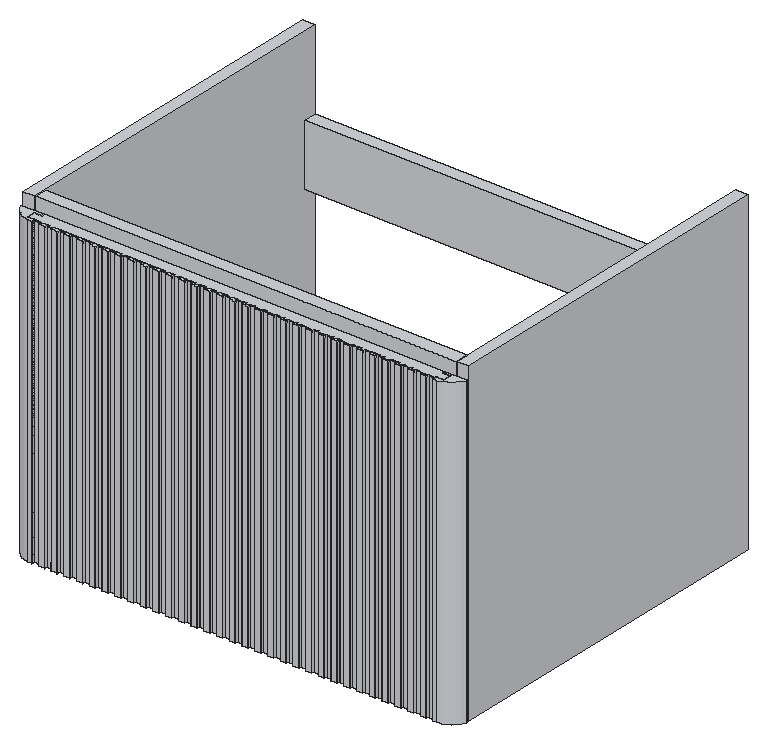
Revit family "Comfort Ribbed Oak Cabinet 600mm - LEC001", category Plumbing Fixtures, Revit 2023
Family settings
  Round Connector Dimension = Use Diameter
  Part Type = Normal
  OmniClass Number = 23.45.00.00
  OmniClass Title = Sanitary, Laundry, and Cleaning Equipment
  Work Plane-Based = No
  Enable Cutting in Views = No
  Always vertical = Yes
  Cut with Voids When Loaded = No
  Maintain Annotation Orientation = No
  Shared = No
  Room Calculation Point = No
Parameters
  Slats = none
  Door Base = none
  Default Elevation = 0 mm
  Carcass = none
Reference planes
  plane 1 "Center (Front/Back)": y = 0
  plane 2: z = 0
  plane 3 "Center (Left/Right)": x = 0
Forms (mm)
  Extrusion 1, solid, material <- "Carcass"
    sketch origin (0, 0, 0) x (1, 0, 0) y (0, 1, 0)
      loop
        line (-280, 0) -> (-280, -439) -> (-265, -439) -> (-265, 0) -> (-280, 0)
      loop
        line (265, -439) -> (280, -439) -> (280, 0) -> (265, 0) -> (265, -439)
    from 0 to 400
  Extrusion 2, solid, material <- "Carcass"
    sketch origin (0, 0, 0) x (0, 1, 0) y (0, 0, 1)
      loop
        line (0, 300) -> (-16, 300) -> (-16, 222) -> (0, 222) -> (0, 300)
      loop
        line (-423, 400) -> (-439, 400) -> (-439, 338) -> (-423, 338) -> (-423, 400)
      loop
        line (-360.933, 15.002) -> (-439, 15.002) -> (-439, 0) -> (-360.933, 0) -> (-360.933, 15.002)
      loop
        line (0, 15.002) -> (-78, 15.002) -> (-78, 0) -> (0, 0) -> (0, 15.002)
    from -265 to 265
  Extrusion 3, solid, material <- "Door Base"
    sketch origin (0, 0, 0) x (1, 0, 0) y (0, 1, 0)
      loop
        line (252, -457) -> (252, -454.15) -> (261, -454.15) -> (261, -444.85) -> (252, -444.85) -> (252, -441) -> (-252, -441) -> (-252, -444.85) -> (-261, -444.85) -> (-261, -454.15) -> (-252, -454.15) -> (-252, -457) -> (252, -457)
    from 0 to 385
  Extrusion 4, solid, material <- "Slats"
    sketch origin (0, 0, 0) x (1, 0, 0) y (0, 1, 0)
      loop
        line (252, -441) -> (252, -444.7) -> (262, -444.7) -> (262, -454.3) -> (252, -454.15) -> (252, -458) -> (252, -459.5)
        arc (252, -459.5) -> (252.146, -459.854) -> (252.5, -460) r 0.5
        line (252.5, -460) -> (257.087, -460)
        arc (257.087, -460) -> (271.066, -454.211) -> (280, -442) r 28.03
        line (280, -442) -> (280, -441) -> (252, -441)
      loop
        line (-252, -441) -> (-280, -441) -> (-280, -442)
        arc (-280, -442) -> (-271.066, -454.211) -> (-257.087, -460) r 28.03
        line (-257.087, -460) -> (-252.5, -460)
        arc (-252.5, -460) -> (-252.146, -459.854) -> (-252, -459.5) r 0.5
        line (-252, -459.5) -> (-252, -458) -> (-252, -454.15) -> (-262, -454.3) -> (-262, -444.7) -> (-252, -444.7) -> (-252, -441)
    from 0 to 385
  Extrusion 5, solid, material <- "Slats"
    sketch origin (0, 0, 0) x (1, 0, 0) y (0, 1, 0)
      loop
        line (-252, -455.137) -> (-252, -457.062)
        arc (-252, -457.062) -> (-251.854, -456.709) -> (-251.5, -456.562) r 0.5
        line (-251.5, -456.562) -> (-244.5, -456.562)
        arc (-244.5, -456.562) -> (-244.146, -456.709) -> (-244, -457.062) r 0.5
        line (-244, -457.062) -> (-244, -459.5)
        arc (-244, -459.5) -> (-243.854, -459.854) -> (-243.5, -460) r 0.5
        line (-243.5, -460) -> (-236.5, -460)
        arc (-236.5, -460) -> (-236.146, -459.854) -> (-236, -459.5) r 0.5
        line (-236, -459.5) -> (-236, -457.062)
        arc (-236, -457.062) -> (-235.854, -456.709) -> (-235.5, -456.562) r 0.5
        line (-235.5, -456.562) -> (-228.5, -456.562)
        arc (-228.5, -456.562) -> (-228.146, -456.709) -> (-228, -457.062) r 0.5
        line (-228, -457.062) -> (-228, -459.5)
        arc (-228, -459.5) -> (-227.854, -459.854) -> (-227.5, -460) r 0.5
        line (-227.5, -460) -> (-220.5, -460)
        arc (-220.5, -460) -> (-220.146, -459.854) -> (-220, -459.5) r 0.5
        line (-220, -459.5) -> (-220, -457.062)
        arc (-220, -457.062) -> (-219.854, -456.709) -> (-219.5, -456.562) r 0.5
        line (-219.5, -456.562) -> (-212.5, -456.562)
        arc (-212.5, -456.562) -> (-212.146, -456.709) -> (-212, -457.062) r 0.5
        line (-212, -457.062) -> (-212, -459.5)
        arc (-212, -459.5) -> (-211.854, -459.854) -> (-211.5, -460) r 0.5
        line (-211.5, -460) -> (-204.5, -460)
        arc (-204.5, -460) -> (-204.146, -459.854) -> (-204, -459.5) r 0.5
        line (-204, -459.5) -> (-204, -457.062)
        arc (-204, -457.062) -> (-203.854, -456.709) -> (-203.5, -456.562) r 0.5
        line (-203.5, -456.562) -> (-196.5, -456.562)
        arc (-196.5, -456.562) -> (-196.146, -456.709) -> (-196, -457.062) r 0.5
        line (-196, -457.062) -> (-196, -459.5)
        arc (-196, -459.5) -> (-195.854, -459.854) -> (-195.5, -460) r 0.5
        line (-195.5, -460) -> (-188.5, -460)
        arc (-188.5, -460) -> (-188.146, -459.854) -> (-188, -459.5) r 0.5
        line (-188, -459.5) -> (-188, -457.062)
        arc (-188, -457.062) -> (-187.854, -456.709) -> (-187.5, -456.562) r 0.5
        line (-187.5, -456.562) -> (-180.5, -456.562)
        arc (-180.5, -456.562) -> (-180.146, -456.709) -> (-180, -457.062) r 0.5
        line (-180, -457.062) -> (-180, -459.5)
        arc (-180, -459.5) -> (-179.854, -459.854) -> (-179.5, -460) r 0.5
        line (-179.5, -460) -> (-172.5, -460)
        arc (-172.5, -460) -> (-172.146, -459.854) -> (-172, -459.5) r 0.5
        line (-172, -459.5) -> (-172, -457.062)
        arc (-172, -457.062) -> (-171.854, -456.709) -> (-171.5, -456.562) r 0.5
        line (-171.5, -456.562) -> (-164.5, -456.562)
        arc (-164.5, -456.562) -> (-164.146, -456.709) -> (-164, -457.062) r 0.5
        line (-164, -457.062) -> (-164, -459.5)
        arc (-164, -459.5) -> (-163.854, -459.854) -> (-163.5, -460) r 0.5
        line (-163.5, -460) -> (-156.5, -460)
        arc (-156.5, -460) -> (-156.146, -459.854) -> (-156, -459.5) r 0.5
        line (-156, -459.5) -> (-156, -457.062)
        arc (-156, -457.062) -> (-155.854, -456.709) -> (-155.5, -456.562) r 0.5
        line (-155.5, -456.562) -> (-148.5, -456.562)
        arc (-148.5, -456.562) -> (-148.146, -456.709) -> (-148, -457.062) r 0.5
        line (-148, -457.062) -> (-148, -459.5)
        arc (-148, -459.5) -> (-147.854, -459.854) -> (-147.5, -460) r 0.5
        line (-147.5, -460) -> (-140.5, -460)
        arc (-140.5, -460) -> (-140.146, -459.854) -> (-140, -459.5) r 0.5
        line (-140, -459.5) -> (-140, -457.062)
        arc (-140, -457.062) -> (-139.854, -456.709) -> (-139.5, -456.562) r 0.5
        line (-139.5, -456.562) -> (-132.5, -456.562)
        arc (-132.5, -456.562) -> (-132.146, -456.709) -> (-132, -457.062) r 0.5
        line (-132, -457.062) -> (-132, -459.5)
        arc (-132, -459.5) -> (-131.854, -459.854) -> (-131.5, -460) r 0.5
        line (-131.5, -460) -> (-124.5, -460)
        arc (-124.5, -460) -> (-124.146, -459.854) -> (-124, -459.5) r 0.5
        line (-124, -459.5) -> (-124, -457.062)
        arc (-124, -457.062) -> (-123.854, -456.709) -> (-123.5, -456.562) r 0.5
        line (-123.5, -456.562) -> (-116.5, -456.562)
        arc (-116.5, -456.562) -> (-116.146, -456.709) -> (-116, -457.062) r 0.5
        line (-116, -457.062) -> (-116, -459.5)
        arc (-116, -459.5) -> (-115.854, -459.854) -> (-115.5, -460) r 0.5
        line (-115.5, -460) -> (-108.5, -460)
        arc (-108.5, -460) -> (-108.146, -459.854) -> (-108, -459.5) r 0.5
        line (-108, -459.5) -> (-108, -457.062)
        arc (-108, -457.062) -> (-107.854, -456.709) -> (-107.5, -456.562) r 0.5
        line (-107.5, -456.562) -> (-100.5, -456.562)
        arc (-100.5, -456.562) -> (-100.146, -456.709) -> (-100, -457.062) r 0.5
        line (-100, -457.062) -> (-100, -459.5)
        arc (-100, -459.5) -> (-99.854, -459.854) -> (-99.5, -460) r 0.5
        line (-99.5, -460) -> (-92.5, -460)
        arc (-92.5, -460) -> (-92.146, -459.854) -> (-92, -459.5) r 0.5
        line (-92, -459.5) -> (-92, -457.062)
        arc (-92, -457.062) -> (-91.854, -456.709) -> (-91.5, -456.562) r 0.5
        line (-91.5, -456.562) -> (-84.5, -456.562)
        arc (-84.5, -456.562) -> (-84.146, -456.709) -> (-84, -457.062) r 0.5
        line (-84, -457.062) -> (-84, -459.5)
        arc (-84, -459.5) -> (-83.854, -459.854) -> (-83.5, -460) r 0.5
        line (-83.5, -460) -> (-76.5, -460)
        arc (-76.5, -460) -> (-76.146, -459.854) -> (-76, -459.5) r 0.5
        line (-76, -459.5) -> (-76, -457.062)
        arc (-76, -457.062) -> (-75.854, -456.709) -> (-75.5, -456.562) r 0.5
        line (-75.5, -456.562) -> (-68.5, -456.562)
        arc (-68.5, -456.562) -> (-68.146, -456.709) -> (-68, -457.062) r 0.5
        line (-68, -457.062) -> (-68, -459.5)
        arc (-68, -459.5) -> (-67.854, -459.854) -> (-67.5, -460) r 0.5
        line (-67.5, -460) -> (-60.5, -460)
        arc (-60.5, -460) -> (-60.146, -459.854) -> (-60, -459.5) r 0.5
        line (-60, -459.5) -> (-60, -457.062)
        arc (-60, -457.062) -> (-59.854, -456.709) -> (-59.5, -456.562) r 0.5
        line (-59.5, -456.562) -> (-52.5, -456.562)
        arc (-52.5, -456.562) -> (-52.146, -456.709) -> (-52, -457.062) r 0.5
        line (-52, -457.062) -> (-52, -459.5)
        arc (-52, -459.5) -> (-51.854, -459.854) -> (-51.5, -460) r 0.5
        line (-51.5, -460) -> (-44.5, -460)
        arc (-44.5, -460) -> (-44.146, -459.854) -> (-44, -459.5) r 0.5
        line (-44, -459.5) -> (-44, -457.062)
        arc (-44, -457.062) -> (-43.854, -456.709) -> (-43.5, -456.562) r 0.5
        line (-43.5, -456.562) -> (-36.5, -456.562)
        arc (-36.5, -456.562) -> (-36.146, -456.709) -> (-36, -457.062) r 0.5
        line (-36, -457.062) -> (-36, -459.5)
        arc (-36, -459.5) -> (-35.854, -459.854) -> (-35.5, -460) r 0.5
        line (-35.5, -460) -> (-28.5, -460)
        arc (-28.5, -460) -> (-28.146, -459.854) -> (-28, -459.5) r 0.5
        line (-28, -459.5) -> (-28, -457.062)
        arc (-28, -457.062) -> (-27.854, -456.709) -> (-27.5, -456.562) r 0.5
        line (-27.5, -456.562) -> (-20.5, -456.562)
        arc (-20.5, -456.562) -> (-20.146, -456.709) -> (-20, -457.062) r 0.5
        line (-20, -457.062) -> (-20, -459.5)
        arc (-20, -459.5) -> (-19.854, -459.854) -> (-19.5, -460) r 0.5
        line (-19.5, -460) -> (-12.5, -460)
        arc (-12.5, -460) -> (-12.146, -459.854) -> (-12, -459.5) r 0.5
        line (-12, -459.5) -> (-12, -457.062)
        arc (-12, -457.062) -> (-11.854, -456.709) -> (-11.5, -456.562) r 0.5
        line (-11.5, -456.562) -> (-4.5, -456.562)
        arc (-4.5, -456.562) -> (-4.146, -456.709) -> (-4, -457.062) r 0.5
        line (-4, -457.062) -> (-4, -459.5)
        arc (-4, -459.5) -> (-3.854, -459.854) -> (-3.5, -460) r 0.5
        line (-3.5, -460) -> (3.5, -460)
        arc (3.5, -460) -> (3.854, -459.854) -> (4, -459.5) r 0.5
        line (4, -459.5) -> (4, -457.062)
        arc (4, -457.062) -> (4.146, -456.709) -> (4.5, -456.562) r 0.5
        line (4.5, -456.562) -> (11.5, -456.562)
        arc (11.5, -456.562) -> (11.854, -456.709) -> (12, -457.062) r 0.5
        line (12, -457.062) -> (12, -459.5)
        arc (12, -459.5) -> (12.146, -459.854) -> (12.5, -460) r 0.5
        line (12.5, -460) -> (19.5, -460)
        arc (19.5, -460) -> (19.854, -459.854) -> (20, -459.5) r 0.5
        line (20, -459.5) -> (20, -457.062)
        arc (20, -457.062) -> (20.146, -456.709) -> (20.5, -456.562) r 0.5
        line (20.5, -456.562) -> (27.5, -456.562)
        arc (27.5, -456.562) -> (27.854, -456.709) -> (28, -457.062) r 0.5
        line (28, -457.062) -> (28, -459.5)
        arc (28, -459.5) -> (28.146, -459.854) -> (28.5, -460) r 0.5
        line (28.5, -460) -> (35.5, -460)
        arc (35.5, -460) -> (35.854, -459.854) -> (36, -459.5) r 0.5
        line (36, -459.5) -> (36, -457.062)
        arc (36, -457.062) -> (36.146, -456.709) -> (36.5, -456.562) r 0.5
        line (36.5, -456.562) -> (43.5, -456.562)
        arc (43.5, -456.562) -> (43.854, -456.709) -> (44, -457.062) r 0.5
        line (44, -457.062) -> (44, -459.5)
        arc (44, -459.5) -> (44.146, -459.854) -> (44.5, -460) r 0.5
        line (44.5, -460) -> (51.5, -460)
        arc (51.5, -460) -> (51.854, -459.854) -> (52, -459.5) r 0.5
        line (52, -459.5) -> (52, -457.062)
        arc (52, -457.062) -> (52.146, -456.709) -> (52.5, -456.562) r 0.5
        line (52.5, -456.562) -> (59.5, -456.562)
        arc (59.5, -456.562) -> (59.854, -456.709) -> (60, -457.062) r 0.5
        line (60, -457.062) -> (60, -459.5)
        arc (60, -459.5) -> (60.146, -459.854) -> (60.5, -460) r 0.5
        line (60.5, -460) -> (67.5, -460)
        arc (67.5, -460) -> (67.854, -459.854) -> (68, -459.5) r 0.5
        line (68, -459.5) -> (68, -457.062)
        arc (68, -457.062) -> (68.146, -456.709) -> (68.5, -456.562) r 0.5
        line (68.5, -456.562) -> (75.5, -456.562)
        arc (75.5, -456.562) -> (75.854, -456.709) -> (76, -457.062) r 0.5
        line (76, -457.062) -> (76, -459.5)
        arc (76, -459.5) -> (76.146, -459.854) -> (76.5, -460) r 0.5
        line (76.5, -460) -> (83.5, -460)
        arc (83.5, -460) -> (83.854, -459.854) -> (84, -459.5) r 0.5
        line (84, -459.5) -> (84, -457.062)
        arc (84, -457.062) -> (84.146, -456.709) -> (84.5, -456.562) r 0.5
        line (84.5, -456.562) -> (91.5, -456.562)
        arc (91.5, -456.562) -> (91.854, -456.709) -> (92, -457.062) r 0.5
        line (92, -457.062) -> (92, -459.5)
        arc (92, -459.5) -> (92.146, -459.854) -> (92.5, -460) r 0.5
        line (92.5, -460) -> (99.5, -460)
        arc (99.5, -460) -> (99.854, -459.854) -> (100, -459.5) r 0.5
        line (100, -459.5) -> (100, -457.062)
        arc (100, -457.062) -> (100.146, -456.709) -> (100.5, -456.562) r 0.5
        line (100.5, -456.562) -> (107.5, -456.562)
        arc (107.5, -456.562) -> (107.854, -456.709) -> (108, -457.062) r 0.5
        line (108, -457.062) -> (108, -459.5)
        arc (108, -459.5) -> (108.146, -459.854) -> (108.5, -460) r 0.5
        line (108.5, -460) -> (115.5, -460)
        arc (115.5, -460) -> (115.854, -459.854) -> (116, -459.5) r 0.5
        line (116, -459.5) -> (116, -457.062)
        arc (116, -457.062) -> (116.146, -456.709) -> (116.5, -456.562) r 0.5
        line (116.5, -456.562) -> (123.5, -456.562)
        arc (123.5, -456.562) -> (123.854, -456.709) -> (124, -457.062) r 0.5
        line (124, -457.062) -> (124, -459.5)
        arc (124, -459.5) -> (124.146, -459.854) -> (124.5, -460) r 0.5
        line (124.5, -460) -> (131.5, -460)
        arc (131.5, -460) -> (131.854, -459.854) -> (132, -459.5) r 0.5
        line (132, -459.5) -> (132, -457.062)
        arc (132, -457.062) -> (132.146, -456.709) -> (132.5, -456.562) r 0.5
        line (132.5, -456.562) -> (139.5, -456.562)
        arc (139.5, -456.562) -> (139.854, -456.709) -> (140, -457.062) r 0.5
        line (140, -457.062) -> (140, -459.5)
        arc (140, -459.5) -> (140.146, -459.854) -> (140.5, -460) r 0.5
        line (140.5, -460) -> (147.5, -460)
        arc (147.5, -460) -> (147.854, -459.854) -> (148, -459.5) r 0.5
        line (148, -459.5) -> (148, -457.062)
        arc (148, -457.062) -> (148.146, -456.709) -> (148.5, -456.562) r 0.5
        line (148.5, -456.562) -> (155.5, -456.562)
        arc (155.5, -456.562) -> (155.854, -456.709) -> (156, -457.062) r 0.5
        line (156, -457.062) -> (156, -459.5)
        arc (156, -459.5) -> (156.146, -459.854) -> (156.5, -460) r 0.5
        line (156.5, -460) -> (163.5, -460)
        arc (163.5, -460) -> (163.854, -459.854) -> (164, -459.5) r 0.5
        line (164, -459.5) -> (164, -457.062)
        arc (164, -457.062) -> (164.146, -456.709) -> (164.5, -456.562) r 0.5
        line (164.5, -456.562) -> (171.5, -456.562)
        arc (171.5, -456.562) -> (171.854, -456.709) -> (172, -457.062) r 0.5
        line (172, -457.062) -> (172, -459.5)
        arc (172, -459.5) -> (172.146, -459.854) -> (172.5, -460) r 0.5
        line (172.5, -460) -> (179.5, -460)
        arc (179.5, -460) -> (179.854, -459.854) -> (180, -459.5) r 0.5
        line (180, -459.5) -> (180, -457.062)
        arc (180, -457.062) -> (180.146, -456.709) -> (180.5, -456.562) r 0.5
        line (180.5, -456.562) -> (187.5, -456.562)
        arc (187.5, -456.562) -> (187.854, -456.709) -> (188, -457.062) r 0.5
        line (188, -457.062) -> (188, -459.5)
        arc (188, -459.5) -> (188.146, -459.854) -> (188.5, -460) r 0.5
        line (188.5, -460) -> (195.5, -460)
        arc (195.5, -460) -> (195.854, -459.854) -> (196, -459.5) r 0.5
        line (196, -459.5) -> (196, -457.062)
        arc (196, -457.062) -> (196.146, -456.709) -> (196.5, -456.562) r 0.5
        line (196.5, -456.562) -> (203.5, -456.562)
        arc (203.5, -456.562) -> (203.854, -456.709) -> (204, -457.062) r 0.5
        line (204, -457.062) -> (204, -459.5)
        arc (204, -459.5) -> (204.146, -459.854) -> (204.5, -460) r 0.5
        line (204.5, -460) -> (211.5, -460)
        arc (211.5, -460) -> (211.854, -459.854) -> (212, -459.5) r 0.5
        line (212, -459.5) -> (212, -457.062)
        arc (212, -457.062) -> (212.146, -456.709) -> (212.5, -456.562) r 0.5
        line (212.5, -456.562) -> (219.5, -456.562)
        arc (219.5, -456.562) -> (219.854, -456.709) -> (220, -457.062) r 0.5
        line (220, -457.062) -> (220, -459.5)
        arc (220, -459.5) -> (220.146, -459.854) -> (220.5, -460) r 0.5
        line (220.5, -460) -> (227.5, -460)
        arc (227.5, -460) -> (227.854, -459.854) -> (228, -459.5) r 0.5
        line (228, -459.5) -> (228, -457.062)
        arc (228, -457.062) -> (228.146, -456.709) -> (228.5, -456.562) r 0.5
        line (228.5, -456.562) -> (235.5, -456.562)
        arc (235.5, -456.562) -> (235.854, -456.709) -> (236, -457.062) r 0.5
        line (236, -457.062) -> (236, -459.5)
        arc (236, -459.5) -> (236.146, -459.854) -> (236.5, -460) r 0.5
        line (236.5, -460) -> (243.5, -460)
        arc (243.5, -460) -> (243.854, -459.854) -> (244, -459.5) r 0.5
        line (244, -459.5) -> (244, -457.062)
        arc (244, -457.062) -> (244.146, -456.709) -> (244.5, -456.562) r 0.5
        line (244.5, -456.562) -> (251.5, -456.562)
        arc (251.5, -456.562) -> (251.854, -456.709) -> (252, -457.062) r 0.5
        line (252, -457.062) -> (252, -455.137) -> (-252, -455.137)
    from 0 to 385
Lines and regions (mm)
  model lines, style "0", not visible
    curve 1: line (1065.365, 256.95, 0) -> (1185.365, 256.95, 0)
    curve 2: line (1185.365, 256.95, 0) -> (1185.365, 221.95, 0)
    curve 3: line (1185.365, 221.95, 0) -> (1065.365, 221.95, 0)
    curve 4: line (1065.365, 221.95, 0) -> (1065.365, 256.95, 0)
    curve 5: line (1065.365, 256.95, 0) -> (1185.365, 256.95, 0)
    curve 6: line (1185.365, 256.95, 0) -> (1185.365, 221.95, 0)
    curve 7: line (1185.365, 221.95, 0) -> (1065.365, 221.95, 0)
    curve 8: line (1065.365, 221.95, 0) -> (1065.365, 256.95, 0)
    curve 295: arc (1373.725, 235.95, 0) -> (1387.704, 241.739, 0) -> (1396.637, 253.95, 0) r 28.03
    curve 296: arc (836.637, 253.95, 0) -> (845.571, 241.739, 0) -> (859.55, 235.95, 0) r 28.03
    curve 297: line (1368.637, 237.95, 0) -> (1368.637, 241.8, 0)
    curve 298: line (864.137, 235.95, 0) -> (859.55, 235.95, 0)
    curve 299: line (864.637, 237.95, 0) -> (864.637, 241.8, 0)
    curve 300: line (872.637, 962.764, 0) -> (872.637, 1129.764, 0)
    curve 301: line (1360.637, 962.764, 0) -> (1360.637, 1129.764, 0)
    curve 302: line (1365.637, 987.764, 0) -> (867.637, 987.764, 0)
    curve 303: line (867.637, 987.764, 0) -> (867.637, 972.264, 0)
    curve 304: line (867.637, 972.264, 0) -> (1365.637, 972.264, 0)
    curve 305: line (1365.637, 972.264, 0) -> (1365.637, 987.764, 0)
    curve 306: line (1375.637, 1129.764, 0) -> (857.637, 1129.764, 0)
    curve 307: line (857.637, 1129.764, 0) -> (857.637, 962.764, 0)
    curve 308: line (857.637, 962.764, 0) -> (1375.637, 962.764, 0)
    curve 309: line (1375.637, 962.764, 0) -> (1375.637, 1129.764, 0)
    curve 310: line (867.637, 987.264, 0) -> (1365.637, 987.264, 0)
    curve 311: line (1178.637, 1129.764, 0) -> (1178.637, 972.264, 0)
    curve 312: line (1034.637, 1129.764, 0) -> (1034.637, 972.264, 0)
    curve 320: line (2097.539, 1129.764, 0) -> (2097.539, 962.764, 0)
    curve 321: line (2097.539, 962.764, 0) -> (1754.539, 962.764, 0)
    curve 322: line (1754.539, 962.764, 0) -> (1754.539, 1129.764, 0)
    curve 323: line (1754.539, 1129.764, 0) -> (2097.539, 1129.764, 0)
    curve 324: line (1754.539, 972.264, 0) -> (2097.539, 972.264, 0)
    curve 325: line (1754.539, 988.764, 0) -> (2097.539, 988.764, 0)
    curve 326: line (1769.539, 988.264, 0) -> (2081.539, 988.264, 0)
    curve 327: line (1770.539, 962.764, 0) -> (1770.539, 1129.764, 0)
    curve 328: line (2081.539, 972.264, 0) -> (2081.539, 1129.764, 0)
    curve 329: line (1976.539, 988.764, 0) -> (1976.539, 972.264, 0)
  model lines, style "VPORTS", not visible
    curve 9: arc (888.637, 237.95, 0) -> (888.491, 238.304, 0) -> (888.137, 238.45, 0) r 0.5
    curve 10: arc (888.637, 236.45, 0) -> (888.784, 236.097, 0) -> (889.137, 235.95, 0) r 0.5
    curve 11: arc (896.137, 235.95, 0) -> (896.491, 236.097, 0) -> (896.637, 236.45, 0) r 0.5
    curve 12: arc (897.137, 238.45, 0) -> (896.784, 238.304, 0) -> (896.637, 237.95, 0) r 0.5
    curve 13: arc (904.637, 237.95, 0) -> (904.491, 238.304, 0) -> (904.137, 238.45, 0) r 0.5
    curve 14: arc (904.637, 236.45, 0) -> (904.784, 236.097, 0) -> (905.137, 235.95, 0) r 0.5
    curve 15: arc (912.137, 235.95, 0) -> (912.491, 236.097, 0) -> (912.637, 236.45, 0) r 0.5
    curve 16: arc (913.137, 238.45, 0) -> (912.784, 238.304, 0) -> (912.637, 237.95, 0) r 0.5
    curve 17: arc (920.637, 237.95, 0) -> (920.491, 238.304, 0) -> (920.137, 238.45, 0) r 0.5
    curve 18: arc (920.637, 236.45, 0) -> (920.784, 236.097, 0) -> (921.137, 235.95, 0) r 0.5
    curve 19: arc (928.137, 235.95, 0) -> (928.491, 236.097, 0) -> (928.637, 236.45, 0) r 0.5
    curve 20: arc (929.137, 238.45, 0) -> (928.784, 238.304, 0) -> (928.637, 237.95, 0) r 0.5
    curve 21: arc (936.637, 237.95, 0) -> (936.491, 238.304, 0) -> (936.137, 238.45, 0) r 0.5
    curve 22: arc (936.637, 236.45, 0) -> (936.784, 236.097, 0) -> (937.137, 235.95, 0) r 0.5
    curve 23: arc (944.137, 235.95, 0) -> (944.491, 236.097, 0) -> (944.637, 236.45, 0) r 0.5
    curve 24: arc (945.137, 238.45, 0) -> (944.784, 238.304, 0) -> (944.637, 237.95, 0) r 0.5
    curve 25: arc (952.637, 237.95, 0) -> (952.491, 238.304, 0) -> (952.137, 238.45, 0) r 0.5
    curve 26: arc (952.637, 236.45, 0) -> (952.784, 236.097, 0) -> (953.137, 235.95, 0) r 0.5
    curve 27: arc (960.137, 235.95, 0) -> (960.491, 236.097, 0) -> (960.637, 236.45, 0) r 0.5
    curve 28: arc (961.137, 238.45, 0) -> (960.784, 238.304, 0) -> (960.637, 237.95, 0) r 0.5
    curve 29: arc (968.637, 237.95, 0) -> (968.491, 238.304, 0) -> (968.137, 238.45, 0) r 0.5
    curve 30: arc (968.637, 236.45, 0) -> (968.784, 236.097, 0) -> (969.137, 235.95, 0) r 0.5
    curve 31: arc (976.137, 235.95, 0) -> (976.491, 236.097, 0) -> (976.637, 236.45, 0) r 0.5
    curve 32: arc (977.137, 238.45, 0) -> (976.784, 238.304, 0) -> (976.637, 237.95, 0) r 0.5
    curve 33: arc (984.637, 237.95, 0) -> (984.491, 238.304, 0) -> (984.137, 238.45, 0) r 0.5
    curve 34: arc (984.637, 236.45, 0) -> (984.784, 236.097, 0) -> (985.137, 235.95, 0) r 0.5
    curve 35: arc (992.137, 235.95, 0) -> (992.491, 236.097, 0) -> (992.637, 236.45, 0) r 0.5
    curve 36: arc (993.137, 238.45, 0) -> (992.784, 238.304, 0) -> (992.637, 237.95, 0) r 0.5
    curve 37: arc (1000.637, 237.95, 0) -> (1000.491, 238.304, 0) -> (1000.137, 238.45, 0) r 0.5
    curve 38: arc (1000.637, 236.45, 0) -> (1000.784, 236.097, 0) -> (1001.137, 235.95, 0) r 0.5
    curve 39: arc (1008.137, 235.95, 0) -> (1008.491, 236.097, 0) -> (1008.637, 236.45, 0) r 0.5
    curve 40: arc (1009.137, 238.45, 0) -> (1008.784, 238.304, 0) -> (1008.637, 237.95, 0) r 0.5
    curve 41: arc (1016.637, 237.95, 0) -> (1016.491, 238.304, 0) -> (1016.137, 238.45, 0) r 0.5
    curve 42: arc (1016.637, 236.45, 0) -> (1016.784, 236.097, 0) -> (1017.137, 235.95, 0) r 0.5
    curve 43: arc (1024.137, 235.95, 0) -> (1024.491, 236.097, 0) -> (1024.637, 236.45, 0) r 0.5
    curve 44: arc (1025.137, 238.45, 0) -> (1024.784, 238.304, 0) -> (1024.637, 237.95, 0) r 0.5
    curve 45: arc (1032.637, 237.95, 0) -> (1032.491, 238.304, 0) -> (1032.137, 238.45, 0) r 0.5
    curve 46: arc (1032.637, 236.45, 0) -> (1032.784, 236.097, 0) -> (1033.137, 235.95, 0) r 0.5
    curve 47: arc (1040.137, 235.95, 0) -> (1040.491, 236.097, 0) -> (1040.637, 236.45, 0) r 0.5
    curve 48: arc (1041.137, 238.45, 0) -> (1040.784, 238.304, 0) -> (1040.637, 237.95, 0) r 0.5
    curve 49: arc (1048.637, 237.95, 0) -> (1048.491, 238.304, 0) -> (1048.137, 238.45, 0) r 0.5
    curve 50: arc (1048.637, 236.45, 0) -> (1048.784, 236.097, 0) -> (1049.137, 235.95, 0) r 0.5
    curve 51: arc (1056.137, 235.95, 0) -> (1056.491, 236.097, 0) -> (1056.637, 236.45, 0) r 0.5
    curve 52: arc (1057.137, 238.45, 0) -> (1056.784, 238.304, 0) -> (1056.637, 237.95, 0) r 0.5
    curve 53: arc (1064.637, 237.95, 0) -> (1064.491, 238.304, 0) -> (1064.137, 238.45, 0) r 0.5
    curve 54: arc (1064.637, 236.45, 0) -> (1064.784, 236.097, 0) -> (1065.137, 235.95, 0) r 0.5
    curve 55: arc (1072.137, 235.95, 0) -> (1072.491, 236.097, 0) -> (1072.637, 236.45, 0) r 0.5
    curve 56: arc (1073.137, 238.45, 0) -> (1072.784, 238.304, 0) -> (1072.637, 237.95, 0) r 0.5
    curve 57: arc (1080.637, 237.95, 0) -> (1080.491, 238.304, 0) -> (1080.137, 238.45, 0) r 0.5
    curve 58: arc (1080.637, 236.45, 0) -> (1080.784, 236.097, 0) -> (1081.137, 235.95, 0) r 0.5
    curve 59: arc (1088.137, 235.95, 0) -> (1088.491, 236.097, 0) -> (1088.637, 236.45, 0) r 0.5
    curve 60: arc (1089.137, 238.45, 0) -> (1088.784, 238.304, 0) -> (1088.637, 237.95, 0) r 0.5
    curve 61: arc (1096.637, 237.95, 0) -> (1096.491, 238.304, 0) -> (1096.137, 238.45, 0) r 0.5
    curve 62: arc (1096.637, 236.45, 0) -> (1096.784, 236.097, 0) -> (1097.137, 235.95, 0) r 0.5
    curve 63: arc (1104.137, 235.95, 0) -> (1104.491, 236.097, 0) -> (1104.637, 236.45, 0) r 0.5
    curve 64: arc (1105.137, 238.45, 0) -> (1104.784, 238.304, 0) -> (1104.637, 237.95, 0) r 0.5
    curve 65: arc (1112.637, 237.95, 0) -> (1112.491, 238.304, 0) -> (1112.137, 238.45, 0) r 0.5
    curve 66: arc (1112.637, 236.45, 0) -> (1112.784, 236.097, 0) -> (1113.137, 235.95, 0) r 0.5
    curve 67: arc (1120.137, 235.95, 0) -> (1120.491, 236.097, 0) -> (1120.637, 236.45, 0) r 0.5
    curve 68: arc (1121.137, 238.45, 0) -> (1120.784, 238.304, 0) -> (1120.637, 237.95, 0) r 0.5
    curve 69: arc (1128.637, 237.95, 0) -> (1128.491, 238.304, 0) -> (1128.137, 238.45, 0) r 0.5
    curve 70: arc (1128.637, 236.45, 0) -> (1128.784, 236.097, 0) -> (1129.137, 235.95, 0) r 0.5
    curve 71: arc (1136.137, 235.95, 0) -> (1136.491, 236.097, 0) -> (1136.637, 236.45, 0) r 0.5
    curve 72: arc (1137.137, 238.45, 0) -> (1136.784, 238.304, 0) -> (1136.637, 237.95, 0) r 0.5
    curve 73: arc (1144.637, 237.95, 0) -> (1144.491, 238.304, 0) -> (1144.137, 238.45, 0) r 0.5
    curve 74: arc (1144.637, 236.45, 0) -> (1144.784, 236.097, 0) -> (1145.137, 235.95, 0) r 0.5
    curve 75: arc (1152.137, 235.95, 0) -> (1152.491, 236.097, 0) -> (1152.637, 236.45, 0) r 0.5
    curve 76: arc (1153.137, 238.45, 0) -> (1152.784, 238.304, 0) -> (1152.637, 237.95, 0) r 0.5
    curve 77: arc (1160.637, 237.95, 0) -> (1160.491, 238.304, 0) -> (1160.137, 238.45, 0) r 0.5
    curve 78: arc (1160.637, 236.45, 0) -> (1160.784, 236.097, 0) -> (1161.137, 235.95, 0) r 0.5
    curve 79: arc (1168.137, 235.95, 0) -> (1168.491, 236.097, 0) -> (1168.637, 236.45, 0) r 0.5
    curve 80: arc (1169.137, 238.45, 0) -> (1168.784, 238.304, 0) -> (1168.637, 237.95, 0) r 0.5
    curve 81: arc (1176.637, 237.95, 0) -> (1176.491, 238.304, 0) -> (1176.137, 238.45, 0) r 0.5
    curve 82: arc (1176.637, 236.45, 0) -> (1176.784, 236.097, 0) -> (1177.137, 235.95, 0) r 0.5
    curve 83: arc (1184.137, 235.95, 0) -> (1184.491, 236.097, 0) -> (1184.637, 236.45, 0) r 0.5
    curve 84: arc (1185.137, 238.45, 0) -> (1184.784, 238.304, 0) -> (1184.637, 237.95, 0) r 0.5
    curve 85: arc (1192.637, 237.95, 0) -> (1192.491, 238.304, 0) -> (1192.137, 238.45, 0) r 0.5
    curve 86: arc (1192.637, 236.45, 0) -> (1192.784, 236.097, 0) -> (1193.137, 235.95, 0) r 0.5
    curve 87: arc (1200.137, 235.95, 0) -> (1200.491, 236.097, 0) -> (1200.637, 236.45, 0) r 0.5
    curve 88: arc (1201.137, 238.45, 0) -> (1200.784, 238.304, 0) -> (1200.637, 237.95, 0) r 0.5
    curve 89: arc (1208.637, 237.95, 0) -> (1208.491, 238.304, 0) -> (1208.137, 238.45, 0) r 0.5
    curve 90: arc (1208.637, 236.45, 0) -> (1208.784, 236.097, 0) -> (1209.137, 235.95, 0) r 0.5
    curve 91: arc (1216.137, 235.95, 0) -> (1216.491, 236.097, 0) -> (1216.637, 236.45, 0) r 0.5
    curve 92: arc (1217.137, 238.45, 0) -> (1216.784, 238.304, 0) -> (1216.637, 237.95, 0) r 0.5
    curve 93: arc (1224.637, 237.95, 0) -> (1224.491, 238.304, 0) -> (1224.137, 238.45, 0) r 0.5
    curve 94: arc (1224.637, 236.45, 0) -> (1224.784, 236.097, 0) -> (1225.137, 235.95, 0) r 0.5
    curve 95: arc (1232.137, 235.95, 0) -> (1232.491, 236.097, 0) -> (1232.637, 236.45, 0) r 0.5
    curve 96: arc (1233.137, 238.45, 0) -> (1232.784, 238.304, 0) -> (1232.637, 237.95, 0) r 0.5
    curve 97: arc (1240.637, 237.95, 0) -> (1240.491, 238.304, 0) -> (1240.137, 238.45, 0) r 0.5
    curve 98: arc (1240.637, 236.45, 0) -> (1240.784, 236.097, 0) -> (1241.137, 235.95, 0) r 0.5
    curve 99: arc (1248.137, 235.95, 0) -> (1248.491, 236.097, 0) -> (1248.637, 236.45, 0) r 0.5
    curve 100: arc (1249.137, 238.45, 0) -> (1248.784, 238.304, 0) -> (1248.637, 237.95, 0) r 0.5
    curve 101: arc (1256.637, 237.95, 0) -> (1256.491, 238.304, 0) -> (1256.137, 238.45, 0) r 0.5
    curve 102: arc (1256.637, 236.45, 0) -> (1256.784, 236.097, 0) -> (1257.137, 235.95, 0) r 0.5
    curve 103: arc (1264.137, 235.95, 0) -> (1264.491, 236.097, 0) -> (1264.637, 236.45, 0) r 0.5
    curve 104: arc (1265.137, 238.45, 0) -> (1264.784, 238.304, 0) -> (1264.637, 237.95, 0) r 0.5
    curve 105: arc (1272.637, 237.95, 0) -> (1272.491, 238.304, 0) -> (1272.137, 238.45, 0) r 0.5
    curve 106: arc (1272.637, 236.45, 0) -> (1272.784, 236.097, 0) -> (1273.137, 235.95, 0) r 0.5
    curve 107: arc (1280.137, 235.95, 0) -> (1280.491, 236.097, 0) -> (1280.637, 236.45, 0) r 0.5
    curve 108: arc (1281.137, 238.45, 0) -> (1280.784, 238.304, 0) -> (1280.637, 237.95, 0) r 0.5
    curve 109: arc (1288.637, 237.95, 0) -> (1288.491, 238.304, 0) -> (1288.137, 238.45, 0) r 0.5
    curve 110: arc (1288.637, 236.45, 0) -> (1288.784, 236.097, 0) -> (1289.137, 235.95, 0) r 0.5
    curve 111: arc (1296.137, 235.95, 0) -> (1296.491, 236.097, 0) -> (1296.637, 236.45, 0) r 0.5
    curve 112: arc (1297.137, 238.45, 0) -> (1296.784, 238.304, 0) -> (1296.637, 237.95, 0) r 0.5
    curve 113: arc (1304.637, 237.95, 0) -> (1304.491, 238.304, 0) -> (1304.137, 238.45, 0) r 0.5
    curve 114: arc (1304.637, 236.45, 0) -> (1304.784, 236.097, 0) -> (1305.137, 235.95, 0) r 0.5
    curve 115: arc (1312.137, 235.95, 0) -> (1312.491, 236.097, 0) -> (1312.637, 236.45, 0) r 0.5
    curve 116: arc (1313.137, 238.45, 0) -> (1312.784, 238.304, 0) -> (1312.637, 237.95, 0) r 0.5
    curve 117: arc (1320.637, 237.95, 0) -> (1320.491, 238.304, 0) -> (1320.137, 238.45, 0) r 0.5
    curve 118: arc (1320.637, 236.45, 0) -> (1320.784, 236.097, 0) -> (1321.137, 235.95, 0) r 0.5
    curve 119: arc (1328.137, 235.95, 0) -> (1328.491, 236.097, 0) -> (1328.637, 236.45, 0) r 0.5
    curve 120: arc (1329.137, 238.45, 0) -> (1328.784, 238.304, 0) -> (1328.637, 237.95, 0) r 0.5
    curve 121: arc (1336.637, 237.95, 0) -> (1336.491, 238.304, 0) -> (1336.137, 238.45, 0) r 0.5
    curve 122: arc (1336.637, 236.45, 0) -> (1336.784, 236.097, 0) -> (1337.137, 235.95, 0) r 0.5
    curve 123: arc (1344.137, 235.95, 0) -> (1344.491, 236.097, 0) -> (1344.637, 236.45, 0) r 0.5
    curve 124: arc (1345.137, 238.45, 0) -> (1344.784, 238.304, 0) -> (1344.637, 237.95, 0) r 0.5
    curve 125: arc (1352.637, 237.95, 0) -> (1352.491, 238.304, 0) -> (1352.137, 238.45, 0) r 0.5
    curve 126: arc (1352.637, 236.45, 0) -> (1352.784, 236.097, 0) -> (1353.137, 235.95, 0) r 0.5
    curve 127: arc (1360.137, 235.95, 0) -> (1360.491, 236.097, 0) -> (1360.637, 236.45, 0) r 0.5
    curve 128: arc (1361.137, 238.45, 0) -> (1360.784, 238.304, 0) -> (1360.637, 237.95, 0) r 0.5
    curve 129: arc (1368.637, 237.95, 0) -> (1368.491, 238.304, 0) -> (1368.137, 238.45, 0) r 0.5
    curve 130: arc (1368.637, 236.45, 0) -> (1368.784, 236.097, 0) -> (1369.137, 235.95, 0) r 0.5
    curve 131: arc (880.137, 235.95, 0) -> (880.491, 236.097, 0) -> (880.637, 236.45, 0) r 0.5
    curve 132: arc (881.137, 238.45, 0) -> (880.784, 238.304, 0) -> (880.637, 237.95, 0) r 0.5
    curve 133: arc (872.637, 237.95, 0) -> (872.491, 238.304, 0) -> (872.137, 238.45, 0) r 0.5
    curve 134: arc (872.637, 236.45, 0) -> (872.784, 236.097, 0) -> (873.137, 235.95, 0) r 0.5
    curve 135: arc (864.137, 235.95, 0) -> (864.491, 236.097, 0) -> (864.637, 236.45, 0) r 0.5
    curve 136: arc (865.137, 238.45, 0) -> (864.784, 238.304, 0) -> (864.637, 237.95, 0) r 0.5
    curve 137: line (1381.637, 695.95, 0) -> (1381.637, 256.95, 0)
    curve 138: line (1381.637, 256.95, 0) -> (1396.637, 256.95, 0)
    curve 139: line (1396.637, 256.95, 0) -> (1396.637, 695.95, 0)
    curve 140: line (1396.637, 695.95, 0) -> (836.637, 695.95, 0)
    curve 141: line (836.637, 695.95, 0) -> (836.637, 256.95, 0)
    curve 142: line (836.637, 256.95, 0) -> (851.637, 256.95, 0)
    curve 143: line (851.637, 256.95, 0) -> (851.637, 695.95, 0)
    curve 144: line (851.637, 680.95, 0) -> (1381.637, 680.95, 0)
    curve 145: line (841.637, 256.95, 0) -> (1381.637, 256.95, 0)
    curve 146: line (851.637, 271.95, 0) -> (1381.637, 271.95, 0)
    curve 147: line (1368.637, 254.95, 0) -> (1368.637, 251.25, 0)
    curve 148: line (1368.637, 251.25, 0) -> (1378.637, 251.25, 0)
    curve 149: line (1378.637, 251.25, 0) -> (1378.637, 241.65, 0)
    curve 150: line (1378.637, 241.65, 0) -> (1368.637, 241.8, 0)
    curve 151: line (1368.637, 241.8, 0) -> (1377.637, 241.8, 0)
    curve 152: line (1377.637, 241.8, 0) -> (1377.637, 251.1, 0)
    curve 153: line (1377.637, 251.1, 0) -> (1368.637, 251.1, 0)
    curve 154: line (1396.637, 253.95, 0) -> (1396.637, 254.95, 0)
    curve 155: line (1396.637, 254.95, 0) -> (836.637, 254.95, 0)
    curve 156: line (836.637, 254.95, 0) -> (836.637, 253.95, 0)
    curve 157: line (881.137, 238.45, 0) -> (888.137, 238.45, 0)
    curve 158: line (888.637, 237.95, 0) -> (888.637, 236.45, 0)
    curve 159: line (889.137, 235.95, 0) -> (896.137, 235.95, 0)
    curve 160: line (896.637, 236.45, 0) -> (896.637, 237.95, 0)
    curve 161: line (897.137, 238.45, 0) -> (904.137, 238.45, 0)
    curve 162: line (904.637, 237.95, 0) -> (904.637, 236.45, 0)
    curve 163: line (905.137, 235.95, 0) -> (912.137, 235.95, 0)
    curve 164: line (912.637, 236.45, 0) -> (912.637, 237.95, 0)
    curve 165: line (913.137, 238.45, 0) -> (920.137, 238.45, 0)
    curve 166: line (920.637, 237.95, 0) -> (920.637, 236.45, 0)
    curve 167: line (921.137, 235.95, 0) -> (928.137, 235.95, 0)
    curve 168: line (928.637, 236.45, 0) -> (928.637, 237.95, 0)
    curve 169: line (929.137, 238.45, 0) -> (936.137, 238.45, 0)
    curve 170: line (936.637, 237.95, 0) -> (936.637, 236.45, 0)
    curve 171: line (937.137, 235.95, 0) -> (944.137, 235.95, 0)
    curve 172: line (944.637, 236.45, 0) -> (944.637, 237.95, 0)
    curve 173: line (945.137, 238.45, 0) -> (952.137, 238.45, 0)
    curve 174: line (952.637, 237.95, 0) -> (952.637, 236.45, 0)
    curve 175: line (953.137, 235.95, 0) -> (960.137, 235.95, 0)
    curve 176: line (960.637, 236.45, 0) -> (960.637, 237.95, 0)
    curve 177: line (961.137, 238.45, 0) -> (968.137, 238.45, 0)
    curve 178: line (968.637, 237.95, 0) -> (968.637, 236.45, 0)
    curve 179: line (969.137, 235.95, 0) -> (976.137, 235.95, 0)
    curve 180: line (976.637, 236.45, 0) -> (976.637, 237.95, 0)
    curve 181: line (977.137, 238.45, 0) -> (984.137, 238.45, 0)
    curve 182: line (984.637, 237.95, 0) -> (984.637, 236.45, 0)
    curve 183: line (985.137, 235.95, 0) -> (992.137, 235.95, 0)
    curve 184: line (992.637, 236.45, 0) -> (992.637, 237.95, 0)
    curve 185: line (993.137, 238.45, 0) -> (1000.137, 238.45, 0)
    curve 186: line (1000.637, 237.95, 0) -> (1000.637, 236.45, 0)
    curve 187: line (1001.137, 235.95, 0) -> (1008.137, 235.95, 0)
    curve 188: line (1008.637, 236.45, 0) -> (1008.637, 237.95, 0)
    curve 189: line (1009.137, 238.45, 0) -> (1016.137, 238.45, 0)
    curve 190: line (1016.637, 237.95, 0) -> (1016.637, 236.45, 0)
    curve 191: line (1017.137, 235.95, 0) -> (1024.137, 235.95, 0)
    curve 192: line (1024.637, 236.45, 0) -> (1024.637, 237.95, 0)
    curve 193: line (1025.137, 238.45, 0) -> (1032.137, 238.45, 0)
    curve 194: line (1032.637, 237.95, 0) -> (1032.637, 236.45, 0)
    curve 195: line (1033.137, 235.95, 0) -> (1040.137, 235.95, 0)
    curve 196: line (1040.637, 236.45, 0) -> (1040.637, 237.95, 0)
    curve 197: line (1041.137, 238.45, 0) -> (1048.137, 238.45, 0)
    curve 198: line (1048.637, 237.95, 0) -> (1048.637, 236.45, 0)
    curve 199: line (1049.137, 235.95, 0) -> (1056.137, 235.95, 0)
    curve 200: line (1056.637, 236.45, 0) -> (1056.637, 237.95, 0)
    curve 201: line (1057.137, 238.45, 0) -> (1064.137, 238.45, 0)
    curve 202: line (1064.637, 237.95, 0) -> (1064.637, 236.45, 0)
    curve 203: line (1065.137, 235.95, 0) -> (1072.137, 235.95, 0)
    curve 204: line (1072.637, 236.45, 0) -> (1072.637, 237.95, 0)
    curve 205: line (1073.137, 238.45, 0) -> (1080.137, 238.45, 0)
    curve 206: line (1080.637, 237.95, 0) -> (1080.637, 236.45, 0)
    curve 207: line (1081.137, 235.95, 0) -> (1088.137, 235.95, 0)
    curve 208: line (1088.637, 236.45, 0) -> (1088.637, 237.95, 0)
    curve 209: line (1089.137, 238.45, 0) -> (1096.137, 238.45, 0)
    curve 210: line (1096.637, 237.95, 0) -> (1096.637, 236.45, 0)
    curve 211: line (1097.137, 235.95, 0) -> (1104.137, 235.95, 0)
    curve 212: line (1104.637, 236.45, 0) -> (1104.637, 237.95, 0)
    curve 213: line (1105.137, 238.45, 0) -> (1112.137, 238.45, 0)
    curve 214: line (1112.637, 237.95, 0) -> (1112.637, 236.45, 0)
    curve 215: line (1113.137, 235.95, 0) -> (1120.137, 235.95, 0)
    curve 216: line (1120.637, 236.45, 0) -> (1120.637, 237.95, 0)
    curve 217: line (1121.137, 238.45, 0) -> (1128.137, 238.45, 0)
    curve 218: line (1128.637, 237.95, 0) -> (1128.637, 236.45, 0)
    curve 219: line (1129.137, 235.95, 0) -> (1136.137, 235.95, 0)
    curve 220: line (1136.637, 236.45, 0) -> (1136.637, 237.95, 0)
    curve 221: line (1137.137, 238.45, 0) -> (1144.137, 238.45, 0)
    curve 222: line (1144.637, 237.95, 0) -> (1144.637, 236.45, 0)
    curve 223: line (1145.137, 235.95, 0) -> (1152.137, 235.95, 0)
    curve 224: line (1152.637, 236.45, 0) -> (1152.637, 237.95, 0)
    curve 225: line (1153.137, 238.45, 0) -> (1160.137, 238.45, 0)
    curve 226: line (1160.637, 237.95, 0) -> (1160.637, 236.45, 0)
    curve 227: line (1161.137, 235.95, 0) -> (1168.137, 235.95, 0)
    curve 228: line (1168.637, 236.45, 0) -> (1168.637, 237.95, 0)
    curve 229: line (1169.137, 238.45, 0) -> (1176.137, 238.45, 0)
    curve 230: line (1176.637, 237.95, 0) -> (1176.637, 236.45, 0)
    curve 231: line (1177.137, 235.95, 0) -> (1184.137, 235.95, 0)
    curve 232: line (1184.637, 236.45, 0) -> (1184.637, 237.95, 0)
    curve 233: line (1185.137, 238.45, 0) -> (1192.137, 238.45, 0)
    curve 234: line (1192.637, 237.95, 0) -> (1192.637, 236.45, 0)
    curve 235: line (1193.137, 235.95, 0) -> (1200.137, 235.95, 0)
    curve 236: line (1200.637, 236.45, 0) -> (1200.637, 237.95, 0)
    curve 237: line (1201.137, 238.45, 0) -> (1208.137, 238.45, 0)
    curve 238: line (1208.637, 237.95, 0) -> (1208.637, 236.45, 0)
    curve 239: line (1209.137, 235.95, 0) -> (1216.137, 235.95, 0)
    curve 240: line (1216.637, 236.45, 0) -> (1216.637, 237.95, 0)
    curve 241: line (1217.137, 238.45, 0) -> (1224.137, 238.45, 0)
    curve 242: line (1224.637, 237.95, 0) -> (1224.637, 236.45, 0)
    curve 243: line (1225.137, 235.95, 0) -> (1232.137, 235.95, 0)
    curve 244: line (1232.637, 236.45, 0) -> (1232.637, 237.95, 0)
    curve 245: line (1233.137, 238.45, 0) -> (1240.137, 238.45, 0)
    curve 246: line (1240.637, 237.95, 0) -> (1240.637, 236.45, 0)
    curve 247: line (1241.137, 235.95, 0) -> (1248.137, 235.95, 0)
    curve 248: line (1248.637, 236.45, 0) -> (1248.637, 237.95, 0)
    curve 249: line (1249.137, 238.45, 0) -> (1256.137, 238.45, 0)
    curve 250: line (1256.637, 237.95, 0) -> (1256.637, 236.45, 0)
    curve 251: line (1257.137, 235.95, 0) -> (1264.137, 235.95, 0)
    curve 252: line (1264.637, 236.45, 0) -> (1264.637, 237.95, 0)
    curve 253: line (1265.137, 238.45, 0) -> (1272.137, 238.45, 0)
    curve 254: line (1272.637, 237.95, 0) -> (1272.637, 236.45, 0)
    curve 255: line (1273.137, 235.95, 0) -> (1280.137, 235.95, 0)
    curve 256: line (1280.637, 236.45, 0) -> (1280.637, 237.95, 0)
    curve 257: line (1281.137, 238.45, 0) -> (1288.137, 238.45, 0)
    curve 258: line (1288.637, 237.95, 0) -> (1288.637, 236.45, 0)
    curve 259: line (1289.137, 235.95, 0) -> (1296.137, 235.95, 0)
    curve 260: line (1296.637, 236.45, 0) -> (1296.637, 237.95, 0)
    curve 261: line (1297.137, 238.45, 0) -> (1304.137, 238.45, 0)
    curve 262: line (1304.637, 237.95, 0) -> (1304.637, 236.45, 0)
    curve 263: line (1305.137, 235.95, 0) -> (1312.137, 235.95, 0)
    curve 264: line (1312.637, 236.45, 0) -> (1312.637, 237.95, 0)
    curve 265: line (1313.137, 238.45, 0) -> (1320.137, 238.45, 0)
    curve 266: line (1320.637, 237.95, 0) -> (1320.637, 236.45, 0)
    curve 267: line (1321.137, 235.95, 0) -> (1328.137, 235.95, 0)
    curve 268: line (1328.637, 236.45, 0) -> (1328.637, 237.95, 0)
    curve 269: line (1329.137, 238.45, 0) -> (1336.137, 238.45, 0)
    curve 270: line (1336.637, 237.95, 0) -> (1336.637, 236.45, 0)
    curve 271: line (1337.137, 235.95, 0) -> (1344.137, 235.95, 0)
    curve 272: line (1344.637, 236.45, 0) -> (1344.637, 237.95, 0)
    curve 273: line (1345.137, 238.45, 0) -> (1352.137, 238.45, 0)
    curve 274: line (1352.637, 237.95, 0) -> (1352.637, 236.45, 0)
    curve 275: line (1353.137, 235.95, 0) -> (1360.137, 235.95, 0)
    curve 276: line (1360.637, 236.45, 0) -> (1360.637, 237.95, 0)
    curve 277: line (1361.137, 238.45, 0) -> (1368.137, 238.45, 0)
    curve 278: line (1368.637, 237.95, 0) -> (1368.637, 236.45, 0)
    curve 279: line (1369.137, 235.95, 0) -> (1373.431, 235.95, 0)
    curve 280: line (1373.137, 235.95, 0) -> (1373.725, 235.95, 0)
    curve 281: line (873.137, 235.95, 0) -> (880.137, 235.95, 0)
    curve 282: line (880.637, 236.45, 0) -> (880.637, 237.95, 0)
    curve 283: line (865.137, 238.45, 0) -> (872.137, 238.45, 0)
    curve 284: line (872.637, 237.95, 0) -> (872.637, 236.45, 0)
    curve 285: line (864.637, 236.45, 0) -> (864.637, 237.95, 0)
    curve 286: line (864.637, 254.95, 0) -> (864.637, 251.25, 0)
    curve 287: line (864.637, 251.25, 0) -> (854.637, 251.25, 0)
    curve 288: line (854.637, 251.25, 0) -> (854.637, 241.65, 0)
    curve 289: line (854.637, 241.65, 0) -> (864.637, 241.8, 0)
    curve 290: line (864.637, 241.8, 0) -> (855.637, 241.8, 0)
    curve 291: line (855.637, 241.8, 0) -> (855.637, 251.1, 0)
    curve 292: line (855.637, 251.1, 0) -> (864.637, 251.1, 0)
    curve 293: line (1368.637, 238.95, 0) -> (864.637, 238.95, 0)
    curve 294: line (851.637, 622.95, 0) -> (1381.637, 622.95, 0)
    curve 313: line (851.637, 1322.764, 0) -> (851.637, 922.764, 0)
    curve 314: line (1381.637, 1322.764, 0) -> (1381.637, 922.764, 0)
    curve 315: line (851.637, 937.764, 0) -> (1381.637, 937.764, 0)
    curve 316: line (851.637, 1260.764, 0) -> (1381.637, 1260.764, 0)
    curve 317: line (836.637, 922.764, 0) -> (836.637, 1322.764, 0)
    curve 318: line (836.637, 1322.764, 0) -> (1396.637, 1322.764, 0)
    curve 319: line (1396.637, 1322.764, 0) -> (1396.637, 922.764, 0)
    curve 330: line (2079.539, 1322.764, 0) -> (2079.539, 1260.764, 0)
    curve 331: line (2079.539, 1260.764, 0) -> (2095.539, 1260.764, 0)
    curve 332: line (1656.539, 937.766, 0) -> (1734.473, 937.766, 0)
    curve 333: line (1734.473, 937.766, 0) -> (1734.539, 922.764, 0)
    curve 334: line (2095.539, 922.764, 0) -> (2095.473, 937.766, 0)
    curve 335: line (2095.473, 937.766, 0) -> (2017.473, 937.766, 0)
    curve 336: line (2017.473, 937.766, 0) -> (2017.539, 922.764, 0)
    curve 337: line (1656.539, 1222.764, 0) -> (1672.539, 1222.764, 0)
    curve 338: line (1672.539, 1222.764, 0) -> (1672.539, 1144.764, 0)
    curve 339: line (1672.539, 1144.764, 0) -> (1656.539, 1144.764, 0)
    curve 340: line (2095.539, 1322.764, 0) -> (2095.539, 922.764, 0)
    curve 341: line (2095.539, 922.764, 0) -> (1656.539, 922.764, 0)
    curve 342: line (1656.539, 922.764, 0) -> (1656.539, 1322.764, 0)
    curve 343: line (1656.539, 1322.764, 0) -> (2095.539, 1322.764, 0)
    curve 344: line (2114.039, 1307.764, 0) -> (2114.039, 922.764, 0)
    curve 345: line (2116.539, 922.764, 0) -> (2116.539, 1307.764, 0)
    curve 346: line (2116.539, 1307.764, 0) -> (2097.539, 1307.764, 0)
    curve 347: line (2097.539, 1307.764, 0) -> (2097.539, 922.764, 0)
    curve 348: line (2097.539, 922.764, 0) -> (2116.539, 922.764, 0)
Dimensions and locks
  aligned and locked: level to plane 2
